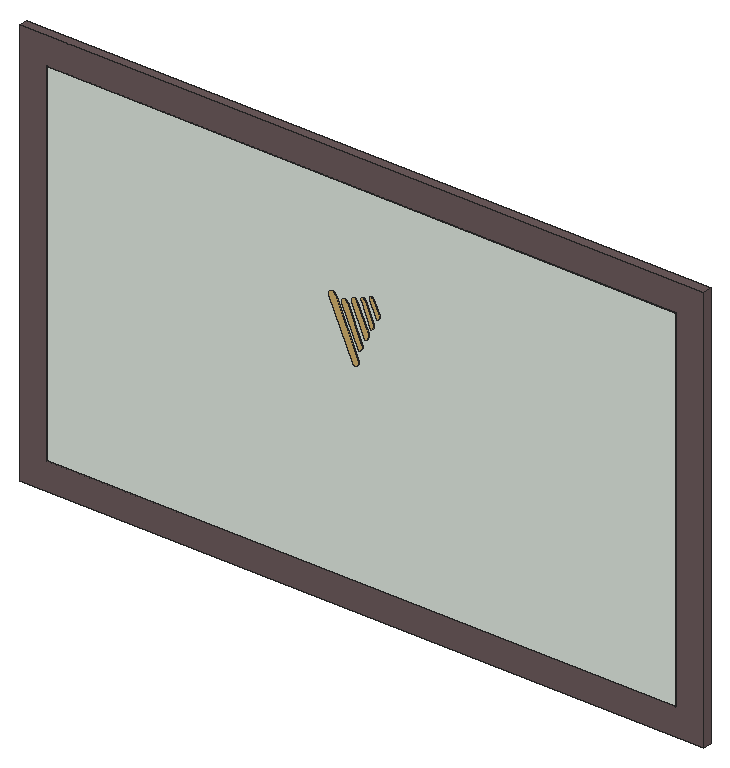
Revit family
Reference planes (in)
  plane 1: y = 0
  plane 2 "Center (Left/Right)": x = 0
  plane 3 "Wall Edge": y = 4
Forms (in)
  Extrusion 1, solid, material "GUINNESS 2"
    sketch origin (0, 4, 120.21097) x (1, 0, 0) y (0, 0, -1)
      loop
        line (35, 16.21097) -> (35, 55.21097) -> (-34.33181, 55.21097) -> (-34.33181, 16.21097) -> (35, 16.21097)
    from 0 to 1
  Sweep 2, solid, material "GUINNESS 4"
    path in 3D
      loop
        line (-34.33181, 4, 104) -> (-34.33181, 4, 65) -> (35, 4, 65) -> (35, 4, 104) -> (-34.33181, 4, 104)
    profile origin (0.3341, 4, 104) x (0, -1, 0) y (0, 0, 1)
      loop
        line (0, 0) -> (0, 3) -> (-1, 3)
        arc (-1, 3) -> (-1.29289, 2.29289) -> (-2, 2) r 1
        line (-2, 2) -> (-2, 1.5)
        arc (-2, 1.5) -> (-1.5, 1) -> (-2, 0.5) r 0.5
        arc (-2, 0.5) -> (-2.25, 0.25) -> (-2, 0) r 0.25
        line (-2, 0) -> (0, 0)
  Extrusion 3, solid, material "GUINNESS 1"
    sketch origin (0, 4, 0) x (1, 0, 0) y (0, 0, 1)
      loop
        arc (-2.56541, 92.59684) -> (-3.06051, 92.78689) -> (-3.25057, 92.29178) r 0.375
        line (-3.25057, 92.29178) -> (-0.68516, 86.52979)
        arc (-0.68516, 86.52979) -> (-0.19005, 86.33973) -> (0, 86.83484) r 0.375
        line (0, 86.83484) -> (-2.56541, 92.59684)
    from -1.125 to 0
  Extrusion 4, solid, material "GUINNESS 1"
    sketch origin (0, 4, 0) x (1, 0, 0) y (0, 0, 1)
      loop
        arc (0, 87.89986) -> (0.3815, 88.17704) -> (0.39795, 88.64831) r 0.53785
        line (0.39795, 88.64831) -> (-1.2201, 92.2825)
        arc (-1.2201, 92.2825) -> (-1.66105, 92.45177) -> (-1.83031, 92.01082) r 0.33398
        line (-1.83031, 92.01082) -> (0, 87.89986)
      loop
        arc (0.69584, 89.20854) -> (1.07734, 89.48572) -> (1.09379, 89.95699) r 0.53785
        line (1.09379, 89.95699) -> (-0.1531, 92.75756)
        arc (-0.1531, 92.75756) -> (-0.59406, 92.92683) -> (-0.76332, 92.48587) r 0.33398
        line (-0.76332, 92.48587) -> (0.69584, 89.20854)
      loop
        arc (1.39168, 90.51723) -> (1.67724, 90.7247) -> (1.68956, 91.07746) r 0.4026
        line (1.68956, 91.07746) -> (0.76044, 93.1643)
        arc (0.76044, 93.1643) -> (0.43037, 93.291) -> (0.30367, 92.96093) r 0.25
        line (0.30367, 92.96093) -> (1.39168, 90.51723)
      loop
        arc (1.98744, 91.6377) -> (2.27301, 91.84518) -> (2.28533, 92.19794) r 0.4026
        line (2.28533, 92.19794) -> (1.67399, 93.57103)
        arc (1.67399, 93.57103) -> (1.34392, 93.69774) -> (1.21722, 93.36767) r 0.25
        line (1.21722, 93.36767) -> (1.98744, 91.6377)
    from -1.125 to 0
Lines and regions (in)
  sketch lines
    curve 1: line (35, 4, 104) -> (-34.33181, 4, 104)
    curve 2: line (-34.33181, 4, 65) -> (35, 4, 65)
    curve 3: line (-34.33181, 4, 104) -> (-34.33181, 4, 65)
    curve 4: line (35, 4, 65) -> (35, 4, 104)
Text (in)
  text "Placement Side" at (0, 40.15149, 123.01588), in view "Right"
  text "Placement Side" at (-70.3804, 28.46503, 0), in view "Ref. Level"
  text "Placement Side" at (0, 81.62555, 140.59947), in view "Left"
Dimensions and locks (in)
  locked: plane 3 "Wall Edge" to host wall
